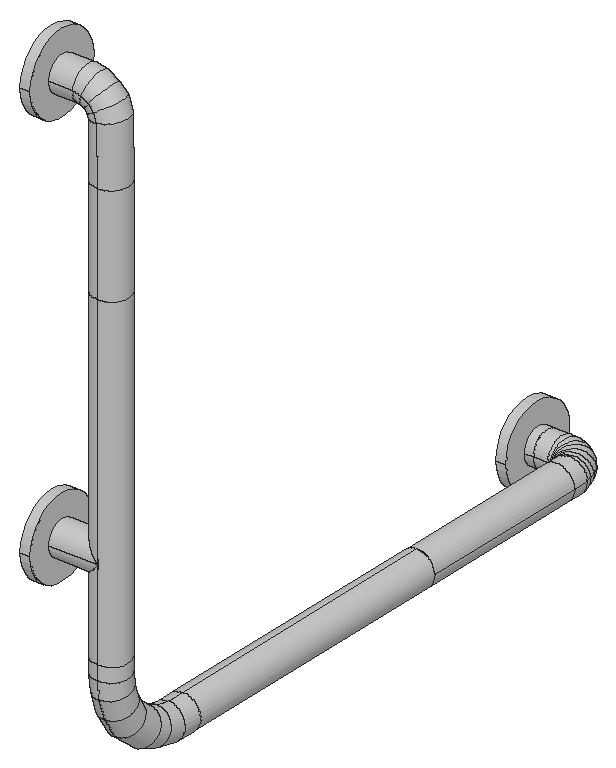
Revit family "Silver L-Shaped Handicap Grab Bar With Satin Finish_IN", category Pipe Accessories, Revit 2017
Family settings
  Round Connector Dimension = Use Diameter
  Part Type = Normal
  Work Plane-Based = Yes
  Always vertical = No
  Cut with Voids When Loaded = Yes
  Shared = No
Parameters
  Website = "https://dolphy.in/"  # constant formula
  Model = "DHGB0018"  # constant formula
  Default Elevation = 1219.2 mm
  Contact number = "+91 9520202035"  # constant formula
  Contact email = "info@dolphy.in"  # constant formula
  Company name = "Dolphy India"  # constant formula
Reference planes
  plane 1 "Center (Front/Back)": y = 0
  plane 2: z = 0
  plane 3 "Center (Left/Right)": x = 0
Forms (mm)
  Extrusion 1, solid, material "Stainless Steel"
    sketch origin (60, -278.75, 0) x (0, 1, 0) y (0, 0, 1)
      loop
        circle (0, 600) r 40
    from -60 to -50
  Extrusion 2, solid, material "Stainless Steel"
    sketch origin (60, -278.75, -420) x (0, 1, 0) y (0, 0, 1)
      loop
        circle (0, 600) r 40
    from -60 to -50
  Extrusion 3, solid, material "Stainless Steel"
    sketch origin (60, 321.25, -600) x (0, 1, 0) y (0, 0, 1)
      loop
        circle (0, 600) r 40
    from -60 to -50
  Sweep 4, solid, material "Stainless Steel"
    path origin (60, -278.75, 0) x (0, 1, 0) y (0, 0, 1)
      loop
        line (0, 420.033) -> (0, 90) -> (0, 75.937) -> (1.307, 60.994) -> (7.331, 43.5) -> (17.93, 26.539) -> (38.496, 9.884) -> (52.651, 3.81) -> (70.615, 0) -> (90.615, 0) -> (385.615, 0)
    profile origin (60, -278.75, 255.017) x (1, 0, 0) y (0, 1, 0)
      loop
        circle (0, 0) r 17.5
  Sweep 5, solid, material "Stainless Steel"
    path origin (60, -278.75, 0) x (0, 1, 0) y (-1, 0, 0)
      loop
        line (385.615, 0) -> (562.118, 0) -> (576.535, 0) -> (579.397, 0.505) -> (583.753, 1.591) -> (588.957, 4.218) -> (594.18, 8.758) -> (597.444, 13.42) -> (599.475, 18.999) -> (600, 25) -> (600, 40.238) -> (600, 50)
    profile origin (60, 195.117, 0) x (-1, 0, 0) y (0, 0, 1)
      loop
        circle (0, 0) r 17.5
  Sweep 6, solid, material "Stainless Steel"
    path origin (60, -33.75, 0) x (-1, 0, 0) y (0, 0, 1)
      loop
        line (50, 600) -> (25, 600) -> (16.449, 598.492) -> (8.93, 594.151) -> (3.586, 587.902) -> (0.303, 578.881) -> (0, 520.427) -> (0, 420.033)
    profile origin (22.5, -33.75, 600) x (0, 0, -1) y (0, 1, 0)
      loop
        circle (0, -245) r 17.5
  Sweep 7, solid, material "Stainless Steel"
    path origin (60, -33.75, 0) x (-1, 0, 0) y (0, 0, 1)
      loop
        line (50, 180) -> (0, 180)
    profile origin (35, -33.75, 180) x (0, 0, -1) y (0, 1, 0)
      loop
        circle (0, -245) r 17.5
Cuts and joins
  joined: Extrusion 1, Extrusion 2, Extrusion 3
  joined: Sweep 4, Sweep 6
Dimensions and locks
  aligned and locked: level to plane 2
